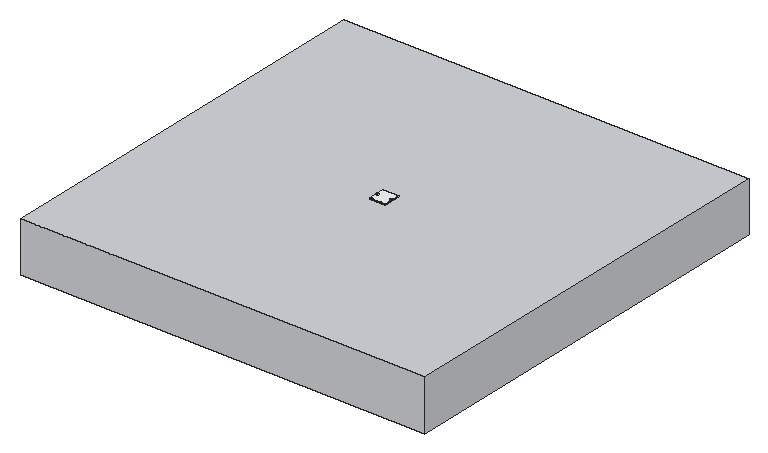
Revit family "Gira_5001028", category Elektroinstallationen, Revit 2017
Family settings
  Basisbauteil = Fläche
  Beschriftungsausrichtung beibehalten = Nein
  Bemaßung runder Anschluss = Durchmesser verwenden
  Teiletyp = Normal
  Beim Laden mit Abzugskörper schneiden = Nein
  Gemeinsam genutzt = Nein
  Raumberechnungspunkt = Nein
Parameters (values of type "KNX Tastsens.4 Komfort 1f TS4 Anthrazit")
  White = White
  Default Elevation = 1219.2 mm
  URL = "https://www.gira.de/"
  Typname = "KNX Tastsens.4 Komfort 1f TS4 Anthrazit"
  Type Comments = ""
  Transparent = no
  Schutzart (IP) = "IP21"
  Produktseite = "https://media.stage.bim.site/t/eyJhbGciOiJIUzI1NiIsInR5cCI6IkpXVCJ9.eyJjdCI6MiwidHUiOiJodHRwOi8va2F0YWxvZy5naXJhLmRlL2RlX0RFL2RhdGVuYmxhdHQuaHRtbD9hcnRpa2VsbnI9NTAwMTAyOCIsImNpZCI6IjMyNzdjYzIzLTgxYTktNGVlMy1hOTBhLWI0N2JiNGMwYjYxNiIsInJpZCI6IjA3MThiNzM2YmU4MGQyYjg3YjIwNmViYTY2NDFmMDJjIiwicGlkIjoiOTE4MWE1YzFjOTFiMjFkMTk5N2NhYjhkZDA1YzcwMGIwNzAyMGEyYiIsInNpZCI6IjYzNDcwIiwidXQiOjEsImxjIjoiZGUiLCJpYXQiOjE2MDA5NDA5MTUsImlzcyI6Imh0dHBzOi8vYXBpLmxpdmUuYmltLnNpdGUiLCJzdWIiOiJhZG1pbkBiaW1zaXRlLmRldiJ9.cpP98WnbQksXJajztw3r0FBOJBIoQIs-EE2d-NFyy9g"
  Montageart = "Unterputz"
  Model = ""
  Mit Raumthermostat = no
  Mit LED-Anzeige = yes
  Mit Infrarotsensor = no
  Mit Display = no
  Mit Diebstahl-/Demontageschutz = yes
  Mit Busankopplung = yes
  Mit Beschriftungsfeld = no
  Kosten = 0
  Hersteller = "Gira"
  HeinzeBIM = "https://www.heinze.de/bim/knx-tastsens-4-komfort-1f-ts4-anthrazit/9181a5c1c91b21d1997cab8dd05c700b07020a2b"
  HAN = "5001028"
  GTIN = "4010337070887"
  Funk bidirektional = no
  Farbe = "anthrazit"
  Datenblatt 1 = "https://media.stage.bim.site/t/eyJhbGciOiJIUzI1NiIsInR5cCI6IkpXVCJ9.eyJjdCI6MSwidGYiOiJwdWJsaWMvZ2lyYS9hZThjNTU3LzUwMDEwMjgudHh0IiwiY2lkIjoiMzI3N2NjMjMtODFhOS00ZWUzLWE5MGEtYjQ3YmI0YzBiNjE2IiwicmlkIjoiMDcxOGI3MzZiZTgwZDJiODdiMjA2ZWJhNjY0MWYwMmMiLCJwaWQiOiI5MTgxYTVjMWM5MWIyMWQxOTk3Y2FiOGRkMDVjNzAwYjA3MDIwYTJiIiwic2lkIjoiNjM0NzAiLCJ1dCI6MSwibGMiOiJkZSIsImlhdCI6MTYwMDk0MDkxNSwiaXNzIjoiaHR0cHM6Ly9hcGkubGl2ZS5iaW0uc2l0ZSIsInN1YiI6ImFkbWluQGJpbXNpdGUuZGV2In0.5kKf3S1YAJe7ZRm_bEKlElDoZ_pLXfiyROBC9vkoOS8/5001028.txt"
  Datenblatt = "https://media.stage.bim.site/t/eyJhbGciOiJIUzI1NiIsInR5cCI6IkpXVCJ9.eyJjdCI6MSwidHUiOiJodHRwczovL2thdGFsb2cuZ2lyYS5kZS9kZV9ERS9kb3dubG9hZC5odG1sP2FydGlrZWxucj01MDAxMDI4IiwiY2lkIjoiMzI3N2NjMjMtODFhOS00ZWUzLWE5MGEtYjQ3YmI0YzBiNjE2IiwicmlkIjoiMDcxOGI3MzZiZTgwZDJiODdiMjA2ZWJhNjY0MWYwMmMiLCJwaWQiOiI5MTgxYTVjMWM5MWIyMWQxOTk3Y2FiOGRkMDVjNzAwYjA3MDIwYTJiIiwic2lkIjoiNjM0NzAiLCJ1dCI6MSwibGMiOiJkZSIsImlhdCI6MTYwMDk0MDkxNSwiaXNzIjoiaHR0cHM6Ly9hcGkubGl2ZS5iaW0uc2l0ZSIsInN1YiI6ImFkbWluQGJpbXNpdGUuZGV2In0.T4KpGBGf4XrBlBgeMyc4Q94G7Z8ZgW1xIkJkdzXRAok"
  Bussystem Powernet = no
  Bussystem LON = no
  Bussystem KNX-Funk = no
  Bussystem KNX = yes
  Bussystem Funkbus = no
  Beschreibung = "KNX Tastsensor 4 Komfort 1fach   Anthrazit Merkmale:  Tastsensor mit integriertem Busankoppler und der Möglichkeit einen verdrahteten Fernfühler anzuschließen.  Wippen- oder Tastenfunktion für jede Bedienfläche einstellbar.  Funktionen: Schalten, Dimmen, Jalousie, Wertgeber, Szenennebenstelle, 2-Kanal-Bedienung und Reglernebenstelle.  Schalten: Reaktion beim Drücken und   oder Loslassen, Einschalten, Ausschalten, Umschalten.  Dimmen: Zeiten für kurze und lange Betätigung, Dimmen in verschiedenen Stufen, Telegrammwiederholung bei langer Betätigung, Senden eines Stopptelegramms bei Ende der Betätigung.  Jalousiesteuerung: vier verschiedene Bedienkonzepte mit Zeiten für kurze und lange Betätigung und Lamellenverstellung.  Wertgeberfunktion: Wahl des Wertebereichs, Wert bei Betätigung.  Szenennebenstelle: mit oder ohne Speicherfunktion, Abruf interne Szene mit oder ohne Speicherfunktion.  2-Kanal-Bedienung: Für jede Wippe oder jede Taste kann die Bedienung von zwei unabhängigen Kanälen eingestellt werden. Dadurch können durch einen Tastendruck bis zu zwei Telegramme auf den Bus gesendet werden. Die Kanäle können unabhängig voneinander auf die Funktionen Schalten, Wertgeber oder Szene aufrufen parametriert werden. Reglernebenstelle- Eigenschaften:  Durch die Tastsensorfunktion Reglernebenstelle können externe Raumtemperaturregler angesteuert werden.  Betriebsmodusumschaltung, Zwang-Betriebsmodusumschaltung, Präsenzfunktion und Sollwertverschiebung.  Auswertung des Reglerzustandes über die Status-LED. Funktionen der Status-LED:  Jede Status-LED kann unabhängig zur Bedienfläche parametriert werden.  Die Status-LED können wahlweise rot, grün, blau, gelb, cyan, orange, violett oder weiß leuchten.  Funktionen Status-LED: immer AUS, immer EIN, Betätigungsanzeige, Telegrammquittierung, Statusanzeige, invertierte Statusanzeige, Ansteuerung über separates LED-Objekt, Betriebsmodusanzeige, Anzeige Reglerstatus, Anzeige Präsenzstatus und Anzeige invertierter Präsenzstatus.  Zusätzlich kann für jede Status-LED eine überlagerte Funktion freigegeben werden, wodurch eine andere Farbe und Anzeigeart eingestellt werden kann. Allgemeine Funktionen:  LED Alarmmeldung: Sämtliche LED des Tastsensors können bei einer Alarmmeldung gleichzeitig rot blinken.  LED Orientierungsbeleuchtung: Zur Orientierung können alle LED dauerhaft ausgeschaltet oder eingeschaltet sein, den Status eines separaten Kommunikationsobjekts anzeigen (EIN, AUS, blinken) oder bei einem beliebigen Tastendruck eingeschaltet und nach Ablauf einer Verzögerungszeit automatisch wieder abgeschaltet werden.  LED Nachtabsenkung: Steuerung der Helligkeit aller Status-LED durch ein Kommunikationsobjekt. Dadurch ist beispielsweise das Reduzieren der Helligkeit während der Nachtstunden auf einen in der ETS konfigurierten Wert möglich.  Sperrfunktion zum Sperren von einzelnen Tasten- bzw. Wippen.  Szenenfunktion: Interne Speicherung von bis zu acht Szenen mit acht Ausgangskanälen.  Temperaturmessung: Raumtemperaturmessungen durch internen Fühler, internen und verdrahteten Fernfühler oder internen und externen Fühler.  Raumfeuchtemessung: Messung der Raumfeuchte durch internen Fühler.  Demontageschutz  Updatefähig und vorbereitet für KNX Secure.  Hinweise :  Professionelle Beschriftung über den Gira Beschriftungsservice www.beschriftung.gira.de.  Der Tastsensor wird mit einer programmneutralen Inbetriebnahme-Wippe geliefert. Das passende Wippenset zum Schalterprogramm ist separat zu bestellen."
  Assembly Code = ""
  Keynote = ""
  BIMSITE_PRODUCT_ID = "9181a5c1c91b21d1997cab8dd05c700b07020a2b"
  BIM = "https://media.stage.bim.site/t/eyJhbGciOiJIUzI1NiIsInR5cCI6IkpXVCJ9.eyJjdCI6MSwidGYiOiJwdWJsaWMvZ2lyYS9hZThjNTU3LzQwXzUwMDEwMCBUUzQgMWZhY2gucmZhIiwiY2lkIjoiMzI3N2NjMjMtODFhOS00ZWUzLWE5MGEtYjQ3YmI0YzBiNjE2IiwicmlkIjoiMDcxOGI3MzZiZTgwZDJiODdiMjA2ZWJhNjY0MWYwMmMiLCJwaWQiOiI5MTgxYTVjMWM5MWIyMWQxOTk3Y2FiOGRkMDVjNzAwYjA3MDIwYTJiIiwic2lkIjoiNjM0NzAiLCJ1dCI6NSwibGMiOiJkZSIsImlhdCI6MTYwMDk0MDkxNSwiaXNzIjoiaHR0cHM6Ly9hcGkubGl2ZS5iaW0uc2l0ZSIsInN1YiI6ImFkbWluQGJpbXNpdGUuZGV2In0.xPlharVRY4gPZHQW6AvoflR8wv8c2vOJ6JiMbSMZO6A/40_500100 TS4 1fach.rfa"
  Anzahl der Tasten = 1
  Andere Bussysteme = "ohne"
Reference planes
  plane 1 "Center (Front/Back)": y = 0
  plane 2: z = 0
  plane 3 "Center (Left/Right)": x = 0
Forms (mm)
  Extrusion 1, solid
    sketch origin (0, 0, 0) x (1, 0, 0) y (0, 1, 0)
      loop
        line (-1219.2, 1219.2) -> (-1219.2, -1219.2) -> (1219.2, -1219.2) -> (1219.2, 1219.2) -> (-1219.2, 1219.2)
    from 0 to -304.8
  Extrusion 2, solid, material "White", detail levels fine
    sketch origin (0, 0, 0) x (1, 0, 0) y (0, 1, 0)
      loop
        line (25.45, 35.45) -> (-25.45, 35.45)
        arc (-25.45, 35.45) -> (-32.521, 32.521) -> (-35.45, 25.45) r 10
        line (-35.45, 25.45) -> (-35.45, -25.45)
        arc (-35.45, -25.45) -> (-32.521, -32.521) -> (-25.45, -35.45) r 10
        line (-25.45, -35.45) -> (25.45, -35.45)
        arc (25.45, -35.45) -> (32.521, -32.521) -> (35.45, -25.45) r 10
        line (35.45, -25.45) -> (35.45, 25.45)
        arc (35.45, 25.45) -> (32.521, 32.521) -> (25.45, 35.45) r 10
      loop
        arc (-31.325, 28.496) -> (-31.325, 25.668) -> (-28.496, 25.668) r 2
        line (-28.496, 25.668) -> (-25.668, 28.496)
        arc (-25.668, 28.496) -> (-25.668, 31.325) -> (-28.496, 31.325) r 2
        line (-28.496, 31.325) -> (-31.325, 28.496)
      loop
        arc (-28.496, -31.325) -> (-25.668, -31.325) -> (-25.668, -28.496) r 2
        line (-25.668, -28.496) -> (-28.496, -25.668)
        arc (-28.496, -25.668) -> (-31.325, -25.668) -> (-31.325, -28.496) r 2
        line (-31.325, -28.496) -> (-28.496, -31.325)
      loop
        line (31.325, 28.496) -> (28.496, 31.325)
        arc (28.496, 31.325) -> (25.668, 31.325) -> (25.668, 28.496) r 2
        line (25.668, 28.496) -> (28.496, 25.668)
        arc (28.496, 25.668) -> (31.325, 25.668) -> (31.325, 28.496) r 2
      loop
        line (28.496, -31.325) -> (31.325, -28.496)
        arc (31.325, -28.496) -> (31.325, -25.668) -> (28.496, -25.668) r 2
        line (28.496, -25.668) -> (25.668, -28.496)
        arc (25.668, -28.496) -> (25.668, -31.325) -> (28.496, -31.325) r 2
      loop
        line (-13.39, 22.831) -> (-22.831, 13.39) -> (-22.831, -13.39) -> (-13.39, -22.831) -> (13.39, -22.831) -> (22.831, -13.39) -> (22.831, 13.39) -> (13.39, 22.831) -> (-13.39, 22.831)
      loop
        arc (-1.681, 31.793) -> (-6.669, 29.581) -> (-1.417, 28.102) r 2.9
        arc (-1.417, 28.102) -> (2.178, 28.079) -> (5.741, 27.6) r 28.291
        arc (5.741, 27.6) -> (7.553, 29.282) -> (6.077, 31.265) r 1.851
        arc (6.077, 31.265) -> (2.215, 31.784) -> (-1.681, 31.793) r 29.64
      loop
        arc (1.681, -31.793) -> (6.669, -29.581) -> (1.417, -28.102) r 2.9
        arc (1.417, -28.102) -> (-2.178, -28.079) -> (-5.741, -27.6) r 28.291
        arc (-5.741, -27.6) -> (-7.553, -29.282) -> (-6.077, -31.265) r 1.851
        arc (-6.077, -31.265) -> (-2.215, -31.784) -> (1.681, -31.793) r 29.64
      loop
        arc (-31.793, -1.681) -> (-29.581, -6.669) -> (-28.102, -1.417) r 2.9
        arc (-28.102, -1.417) -> (-28.079, 2.178) -> (-27.6, 5.741) r 28.291
        arc (-27.6, 5.741) -> (-29.282, 7.553) -> (-31.265, 6.077) r 1.851
        arc (-31.265, 6.077) -> (-31.784, 2.215) -> (-31.793, -1.681) r 29.64
      loop
        arc (31.793, 1.681) -> (29.581, 6.669) -> (28.102, 1.417) r 2.9
        arc (28.102, 1.417) -> (28.079, -2.178) -> (27.6, -5.741) r 28.291
        arc (27.6, -5.741) -> (29.282, -7.553) -> (31.265, -6.077) r 1.851
        arc (31.265, -6.077) -> (31.784, -2.215) -> (31.793, 1.681) r 29.64
    from 0 to -1
  Extrusion 3, solid, material "White", detail levels medium+fine
    sketch origin (0, 0, 0) x (1, 0, 0) y (0, 1, 0)
      loop
        line (-22.831, 13.39) -> (-22.831, -13.39) -> (-13.39, -22.831) -> (13.39, -22.831) -> (22.831, -13.39) -> (22.831, 13.39) -> (13.39, 22.831) -> (-13.39, 22.831) -> (-22.831, 13.39)
    from 0 to -15.5
  Extrusion 4, solid, material "White", detail levels medium
    sketch origin (0, 0, 0) x (1, 0, 0) y (0, 1, 0)
      loop
        line (35.45, 35.45) -> (-35.45, 35.45) -> (-35.45, -35.45) -> (35.45, -35.45) -> (35.45, 35.45)
    from 0 to -1
  Extrusion 5, solid, material "White" <- "White", detail levels fine
    sketch origin (0, 0, 0) x (1, 0, 0) y (0, 1, 0)
      loop
        arc (-41.4, 44.4) -> (-43.521, 43.521) -> (-44.4, 41.4) r 3
        line (-44.4, 41.4) -> (-44.4, -41.4)
        arc (-44.4, -41.4) -> (-43.521, -43.521) -> (-41.4, -44.4) r 3
        line (-41.4, -44.4) -> (41.4, -44.4)
        arc (41.4, -44.4) -> (43.521, -43.521) -> (44.4, -41.4) r 3
        line (44.4, -41.4) -> (44.4, 41.4)
        arc (44.4, 41.4) -> (43.521, 43.521) -> (41.4, 44.4) r 3
        line (41.4, 44.4) -> (-41.4, 44.4)
      loop
        arc (-42.4, -41.4) -> (-42.107, -42.107) -> (-41.4, -42.4) r 1
        line (-41.4, -42.4) -> (41.4, -42.4)
        arc (41.4, -42.4) -> (42.107, -42.107) -> (42.4, -41.4) r 1
        line (42.4, -41.4) -> (42.4, 41.4)
        arc (42.4, 41.4) -> (42.107, 42.107) -> (41.4, 42.4) r 1
        line (41.4, 42.4) -> (-41.4, 42.4)
        arc (-41.4, 42.4) -> (-42.107, 42.107) -> (-42.4, 41.4) r 1
        line (-42.4, 41.4) -> (-42.4, -41.4)
    from 0 to 4
  Extrusion 6, solid, material "White" <- "White", detail levels medium
    sketch origin (0, 0, 0) x (1, 0, 0) y (0, 1, 0)
      loop
        line (-44.4, 44.4) -> (-44.4, -44.4) -> (44.4, -44.4) -> (44.4, 44.4) -> (-44.4, 44.4)
    from 0 to 4
  Extrusion 7, solid, material "White" <- "White", detail levels fine
    sketch origin (0, 0, 0) x (1, 0, 0) y (0, 1, 0)
      loop
        line (-46.5, -47.5) -> (46.5, -47.5)
        arc (46.5, -47.5) -> (47.207, -47.207) -> (47.5, -46.5) r 1
        line (47.5, -46.5) -> (47.5, 46.5)
        arc (47.5, 46.5) -> (47.207, 47.207) -> (46.5, 47.5) r 1
        line (46.5, 47.5) -> (-46.5, 47.5)
        arc (-46.5, 47.5) -> (-47.207, 47.207) -> (-47.5, 46.5) r 1
        line (-47.5, 46.5) -> (-47.5, -46.5)
        arc (-47.5, -46.5) -> (-47.207, -47.207) -> (-46.5, -47.5) r 1
    from 4 to 9
  Extrusion 8, solid, material "White" <- "White", detail levels medium
    sketch origin (0, 0, 0) x (1, 0, 0) y (0, 1, 0)
      loop
        line (-47.5, -47.5) -> (47.5, -47.5) -> (47.5, 47.5) -> (-47.5, 47.5) -> (-47.5, -47.5)
    from 4 to 10.7
  Extrusion 9, solid, material "White" <- "White", detail levels fine
    sketch origin (0, 0, 0) x (1, 0, 0) y (0, 1, 0)
      loop
        line (-46.5, -47.5) -> (46.5, -47.5)
        arc (46.5, -47.5) -> (47.207, -47.207) -> (47.5, -46.5) r 1
        line (47.5, -46.5) -> (47.5, 46.5)
        arc (47.5, 46.5) -> (47.207, 47.207) -> (46.5, 47.5) r 1
        line (46.5, 47.5) -> (-46.5, 47.5)
        arc (-46.5, 47.5) -> (-47.207, 47.207) -> (-47.5, 46.5) r 1
        line (-47.5, 46.5) -> (-47.5, -46.5)
        arc (-47.5, -46.5) -> (-47.207, -47.207) -> (-46.5, -47.5) r 1
    from 9.3 to 10.3
  Extrusion 10, solid, material "White" <- "White", detail levels fine
    sketch origin (0, 0, 0) x (1, 0, 0) y (0, 1, 0)
      loop
        line (-37.5, 5) -> (-47.5, 5) -> (-47.5, 4.2) -> (-37.5, 4.2)
        arc (-37.5, 4.2) -> (-33.3, 0) -> (-37.5, -4.2) r 4.2
        line (-37.5, -4.2) -> (-47.5, -4.2) -> (-47.5, -5) -> (-37.5, -5)
        arc (-37.5, -5) -> (-32.5, 0) -> (-37.5, 5) r 5
      loop
        arc (37.5, 5) -> (32.5, 0) -> (37.5, -5) r 5
        line (37.5, -5) -> (47.5, -5) -> (47.5, -4.2) -> (37.5, -4.2)
        arc (37.5, -4.2) -> (33.3, 0) -> (37.5, 4.2) r 4.2
        line (37.5, 4.2) -> (47.5, 4.2) -> (47.5, 5) -> (37.5, 5)
    from 9.5 to 10.7
  Extrusion 11, solid, material "White" <- "White", detail levels coarse
    sketch origin (0, 0, 0) x (1, 0, 0) y (0, 1, 0)
      loop
        line (-47.5, -47.5) -> (47.5, -47.5) -> (47.5, 47.5) -> (-47.5, 47.5) -> (-47.5, -47.5)
    from -15.4 to 10.7
Lines and regions (mm)
  reference lines
    curve 1: line (0, 47.5, 0) -> (0, -47.5, 0)
    curve 2: line (-47.5, 0, 0) -> (47.5, 0, 0)
Dimensions and locks
  aligned and locked: plane 2 to Extrusion 1
  aligned and locked: level to Extrusion 1
Connectors
  electrical at (0, 0, -15.5)
    settings: on Extrusion 3, index 1, voltage 220 V, apparent load 0 VA, apparent load phase1 0 VA, apparent load phase2 0 VA, apparent load phase3 0 VA, power factor 1, load classification "Other", number of poles 1, system type 31, power factor state 1, is connector primary yes, connector utility no, sub classification motor no, connector description ""
